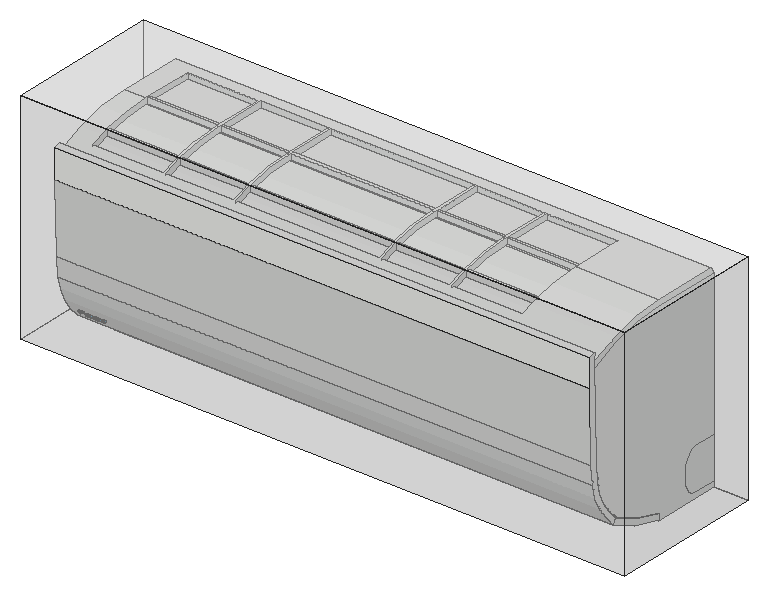
Revit family "outputfile", category 機械設備, Revit 2024 (continued)
Definition of nested family "DAIKIN_indoorunit_CTKM-RVMV"
  Automatic sketch dimensions
    Extrusion 22 sketch curve to plane 1 "Center (Front/Back)" = 0.0 mm
    Extrusion 22 sketch curve to Extrusion 22 sketch curve = 20.0 mm  (x2)
    Extrusion 22 sketch curve to level = 287.035 mm
    Extrusion 23 sketch curve to plane 1 "Center (Front/Back)" = 0.0 mm
    Extrusion 23 sketch curve to Extrusion 23 sketch curve = 20.0 mm  (x2)
    Extrusion 23 sketch curve to level = 287.035 mm
    plane 1 "Center (Front/Back)" to Extrusion 24 sketch curve = 0.0 mm  (x2)
    plane 3 "Center (Left/Right)" to Extrusion 24 sketch curve = 469.0 mm
    Extrusion 24 sketch curve to Extrusion 24 sketch curve = 20.0 mm  (x4)
    Extrusion 24 sketch curve to plane 3 "Center (Left/Right)" = 409.0 mm
  Nested families
    nested 1: "daikin_logo_plane_w40" at (-320, -198.871, -233.244) x (1, 0, 0) z (0, -0.7841, -0.6206), visible <- "switch_unit1_25-35", type "daikin_logo_plane_w40"
      with show_logo yes
    nested 2: "daikin_logo_plane_w40" at (-430, -237.74, -233.244) x (1, 0, 0) z (0, -0.7841, -0.6206), visible <- "switch_unit1_50-71", type "daikin_logo_plane_w40"
      with show_logo yes
  Definition of nested family "daikin_logo_plane_w40"
    Parameters (values of type "daikin_logo_plane_w40")
      width = 40.0 mm
      show_logo [instance] = yes
      material = none
      height = 0.0 mm
      depth = 0.0 mm
      Default Elevation = 1219.2 mm
    Reference planes
      plane 1 "Center (Front/Back)": y = 0
      plane 2: z = 0
      plane 3 "Center (Left/Right)": x = 0
      plane 4: z = 2
      plane 5 "left": x = -19
      plane 6: x = 19
    Forms (mm)
      Extrusion 1, solid, visible <- "show_logo"
        sketch origin (-19, 0, 0) x (1, 0, 0) y (0, 1, 0)
          loop
            line (8.902, -1.878) -> (7.789, -6.332) -> (11.13, -6.332)
            arc (11.13, -6.332) -> (12.454, -6.064) -> (13.472, -5.176) r 2.642
            arc (13.472, -5.176) -> (13.92, -4.02) -> (13.767, -2.79) r 2.537
            arc (13.767, -2.79) -> (13.452, -2.342) -> (12.982, -2.06) r 1.321
            arc (12.982, -2.06) -> (12.063, -1.902) -> (11.13, -1.878) r 6.479
            line (11.13, -1.878) -> (8.902, -1.878)
          loop
            line (10.016, -5.441) -> (10.907, -5.441)
            arc (10.907, -5.441) -> (11.591, -4.983) -> (11.988, -4.261) r 1.742
            spline (11.988, -4.261) -> (12.01, -4.155) -> (12.027, -4.03) -> (12.037, -3.893) -> (12.037, -3.747) -> (12.026, -3.598) -> (12.002, -3.451) -> (11.962, -3.31) -> (11.905, -3.181) -> (11.829, -3.069) -> (11.731, -2.978) -> (11.61, -2.913) -> (11.464, -2.88)
            line (11.464, -2.88) -> (10.573, -2.88) -> (10.016, -5.441)
          loop
            line (13.58, -6.332) -> (14.805, -6.332) -> (15.223, -5.553) -> (16.977, -5.553) -> (17.144, -6.332) -> (19.149, -6.332) -> (18.258, -1.878) -> (16.03, -1.878) -> (13.58, -6.332)
          loop
            line (16.476, -3.214) -> (15.76, -4.551) -> (16.762, -4.551) -> (16.476, -3.214)
          loop
            line (19.705, -6.332) -> (21.599, -6.332) -> (22.712, -1.878) -> (20.819, -1.878) -> (19.705, -6.332)
          loop
            line (22.712, -6.332) -> (24.606, -6.332) -> (24.908, -5.122) -> (25.831, -6.332) -> (28.17, -6.332) -> (26.388, -3.994) -> (28.949, -1.878) -> (26.945, -1.878) -> (25.401, -3.153) -> (25.719, -1.878) -> (23.826, -1.878) -> (22.712, -6.332)
          loop
            line (29.84, -1.878) -> (28.615, -6.332) -> (30.62, -6.332) -> (31.734, -1.878) -> (29.84, -1.878)
          loop
            line (31.734, -6.332) -> (33.07, -6.332) -> (33.7, -3.814) -> (34.518, -6.332) -> (36.745, -6.332) -> (37.859, -1.878) -> (36.523, -1.878) -> (35.845, -4.589) -> (34.963, -1.878) -> (32.847, -1.878) -> (31.734, -6.332)
        from 0 to 2
      Extrusion 2, solid, visible <- "show_logo"
        sketch origin (-19, 0, 0) x (1, 0, 0) y (0, 1, 0)
          loop
            line (8.7, 0) -> (4.235, 0) -> (0, -3.879) -> (0, -8) -> (8.7, 0)
        from 0 to 2
      Extrusion 3, solid, visible <- "show_logo"
        sketch origin (-19, 0, 0) x (1, 0, 0) y (0, 1, 0)
          loop
            line (0, 0) -> (0, -3.879) -> (4.235, 0) -> (0, 0)
        from 0 to 2
    Dimensions and locks
      plane 4 to plane 2 = 2.0 mm
      equal spacing: plane 5 "left", plane 3 "Center (Left/Right)", plane 6
      locked: plane 5 "left" to plane 6 at 38
      aligned and locked: level to plane 2
      aligned and locked: Extrusion 3 to plane 1 "Center (Front/Back)"  (x2)
      aligned and locked: Extrusion 2 to plane 1 "Center (Front/Back)"  (x2)
      aligned and locked: plane 4 to Extrusion 1
      aligned and locked: plane 4 to Extrusion 3
      aligned and locked: plane 4 to Extrusion 2
      aligned and locked: Extrusion 3 to plane 5 "left"
      aligned and locked: Extrusion 2 to plane 5 "left"
    Automatic sketch dimensions
      Extrusion 1 sketch curve to Extrusion 1 sketch curve = 0.901 mm
      Extrusion 1 sketch curve to Extrusion 1 sketch curve = 1.559 mm
      Extrusion 1 sketch curve to Extrusion 1 sketch curve = 1.327 mm
      Extrusion 1 sketch curve to Extrusion 1 sketch curve = 2.145 mm
      Extrusion 1 sketch curve to Extrusion 1 sketch curve = 1.448 mm
      Extrusion 1 sketch curve to Extrusion 1 sketch curve = 2.116 mm
      Extrusion 1 sketch curve to Extrusion 1 sketch curve = 1.114 mm  (x4)
      Extrusion 1 sketch curve to Extrusion 1 sketch curve = 1.336 mm  (x2)
      plane 1 "Center (Front/Back)" to Extrusion 1 sketch curve = 1.878 mm  (x5)
      Extrusion 1 sketch curve to Extrusion 1 sketch curve = 1.893 mm  (x5)
      Extrusion 1 sketch curve to Extrusion 1 sketch curve = 0.891 mm  (x4)
      Extrusion 1 sketch curve to Extrusion 1 sketch curve = 2.005 mm  (x3)
      Extrusion 1 sketch curve to Extrusion 1 sketch curve = 0.445 mm  (x2)
      plane 1 "Center (Front/Back)" to Extrusion 1 sketch curve = 3.994 mm
      Extrusion 1 sketch curve to Extrusion 1 sketch curve = 0.557 mm  (x2)
      Extrusion 1 sketch curve to Extrusion 1 sketch curve = 2.339 mm  (x2)
      Extrusion 1 sketch curve to Extrusion 1 sketch curve = 1.225 mm  (x3)
      plane 1 "Center (Front/Back)" to Extrusion 1 sketch curve = 3.153 mm
      Extrusion 1 sketch curve to Extrusion 1 sketch curve = 0.987 mm
      plane 1 "Center (Front/Back)" to Extrusion 1 sketch curve = 5.122 mm
      Extrusion 1 sketch curve to Extrusion 1 sketch curve = 0.922 mm
      plane 1 "Center (Front/Back)" to Extrusion 1 sketch curve = 6.332 mm
      Extrusion 1 sketch curve to Extrusion 1 sketch curve = 2.562 mm
      plane 1 "Center (Front/Back)" to Extrusion 1 sketch curve = 5.553 mm
      Extrusion 1 sketch curve to Extrusion 1 sketch curve = 0.167 mm
      Extrusion 1 sketch curve to Extrusion 1 sketch curve = 0.215 mm
      plane 1 "Center (Front/Back)" to Extrusion 1 sketch curve = 3.214 mm
      Extrusion 1 sketch curve to Extrusion 1 sketch curve = 0.286 mm
      plane 1 "Center (Front/Back)" to Extrusion 1 sketch curve = 4.551 mm
      Extrusion 1 sketch curve to Extrusion 1 sketch curve = 1.002 mm
      Extrusion 1 sketch curve to Extrusion 1 sketch curve = 0.537 mm
      Extrusion 1 sketch curve to Extrusion 1 sketch curve = 0.418 mm
      Extrusion 1 sketch curve to Extrusion 1 sketch curve = 1.028 mm
      plane 1 "Center (Front/Back)" to Extrusion 1 sketch curve = 4.261 mm
      Extrusion 1 sketch curve to Extrusion 1 sketch curve = 0.563 mm
      plane 1 "Center (Front/Back)" to Extrusion 1 sketch curve = 2.88 mm
      Extrusion 1 sketch curve to Extrusion 1 sketch curve = 1.088 mm
      Extrusion 1 sketch curve to Extrusion 1 sketch curve = 2.152 mm
      Extrusion 1 sketch curve to Extrusion 1 sketch curve = 0.586 mm
      Extrusion 1 sketch curve to Extrusion 1 sketch curve = 0.118 mm
      Extrusion 1 sketch curve to Extrusion 1 sketch curve = 0.298 mm
      Extrusion 1 sketch curve to Extrusion 1 sketch curve = 0.334 mm
      Extrusion 1 sketch curve to Extrusion 1 sketch curve = 0.223 mm
      Extrusion 1 sketch curve to Extrusion 1 sketch curve = 0.266 mm
      Extrusion 1 sketch curve to Extrusion 1 sketch curve = 1.671 mm
      Extrusion 1 sketch curve to Extrusion 1 sketch curve = 2.227 mm
      Extrusion 1 sketch curve to Extrusion 1 sketch curve = 0.0 mm  (x7)
      Extrusion 1 sketch curve to Extrusion 1 sketch curve = 3.453 mm
      Extrusion 1 sketch curve to Extrusion 1 sketch curve = 2.017 mm
      Extrusion 1 sketch curve to Extrusion 1 sketch curve = 0.78 mm  (x2)
      Extrusion 1 sketch curve to Extrusion 1 sketch curve = 1.743 mm
      Extrusion 1 sketch curve to Extrusion 1 sketch curve = 0.775 mm
      Extrusion 1 sketch curve to Extrusion 1 sketch curve = 0.552 mm
      Extrusion 1 sketch curve to Extrusion 1 sketch curve = 0.014 mm
      Extrusion 1 sketch curve to Extrusion 1 sketch curve = 0.952 mm
      Extrusion 1 sketch curve to Extrusion 1 sketch curve = 1.215 mm
      Extrusion 1 sketch curve to Extrusion 1 sketch curve = 0.108 mm
      plane 1 "Center (Front/Back)" to Extrusion 2 sketch curve = 0.0 mm
      Extrusion 2 sketch curve to plane 3 "Center (Left/Right)" = 19.0 mm
      Extrusion 2 sketch curve to plane 3 "Center (Left/Right)" = 14.765 mm
      Extrusion 2 sketch curve to Extrusion 2 sketch curve = 4.465 mm
      plane 1 "Center (Front/Back)" to Extrusion 2 sketch curve = 3.879 mm
      Extrusion 2 sketch curve to Extrusion 2 sketch curve = 4.12 mm
      plane 1 "Center (Front/Back)" to Extrusion 3 sketch curve = 0.0 mm
      Extrusion 3 sketch curve to plane 3 "Center (Left/Right)" = 19.0 mm
      Extrusion 3 sketch curve to plane 3 "Center (Left/Right)" = 14.765 mm
      plane 1 "Center (Front/Back)" to Extrusion 3 sketch curve = 3.879 mm
      Extrusion 1 sketch curve to plane 3 "Center (Left/Right)" = 11.211 mm
      Extrusion 1 sketch curve to Extrusion 1 sketch curve = 1.782 mm
Definition of nested family "daikin_connector_rotate3"
  Parameters (values of type "daikin_connector_rotate3")
    show [instance] = yes
    radius [instance] = 10.0 mm
    length [instance] = 600.0 mm
    angle_horizontal [instance] = 60.00°
    angle_vertical [instance] = 90.00°
    Default Elevation = 1219.2 mm
  Reference planes
    plane 1 "Center (Front/Back)": y = 0
    plane 2: z = 0
    plane 3 "Center (Left/Right)": x = 0
  Dimensions and locks
    "angle_horizontal": angle plane 3 "Center (Left/Right)" to nested 1
    aligned and locked: level to plane 2
    aligned and locked: plane 1 "Center (Front/Back)" to nested 1  (x2)
    aligned and locked: plane 3 "Center (Left/Right)" to nested 1
  Nested families
    nested 1: "daikin_connector_rotate2" at (0, 0, 0) x (0.5, 0.866, 0) z (0, 0, 1), angle_vertical <- "angle_vertical", length <- "length", radius <- "radius", type "daikin_connector_rotate2"
      with radius 10.0 mm, length 600.0 mm, angle_vertical 90.00°
  Definition of nested family "daikin_connector_rotate2"
    Parameters (values of type "daikin_connector_rotate2")
      show_face = yes
      radius [instance] = 10.0 mm
      length [instance] = 600.0 mm
      d_surface = 10.0 mm
      angle_vertical [instance] = 90.00°
      Default Elevation = 0.0 mm
    Reference planes
      plane 1 "Center (Front/Back)": y = 0
      plane 2: z = 0
      plane 3 "Center (Left/Right)": x = 0
    Forms (mm)
      Extrusion 1, solid, visible <- "show_face"
        sketch origin (0, -600, 0) x (1, 0, 0) y (0, 0, 1)
          loop
            circle (0, 0) r 10
        from 0 to -10
    Lines and regions (mm)
      reference lines
        curve 1: line (0, 0, 0) -> (0, -600, 0)
      symbolic lines
        curve 2: circle (0, 0, 0) r 5 normal (0, 0, 1)
      model lines, visible <- "show_face"
        curve 3: line (0, 0, 0) -> (0, -600, 0)
    Dimensions and locks
      "length": curve 1 to curve 1
      "length": curve 3 to curve 3
      "d_surface": Extrusion 1 to Extrusion 1
      "radius": radius of Extrusion 1 sketch curve
      "angle_vertical": angle curve 1 to plane 1 "Center (Front/Back)"
      "angle_vertical": angle curve 3 to plane 1 "Center (Front/Back)"
      aligned and locked: level to plane 2
      aligned and locked: plane 1 "Center (Front/Back)" to curve 1
      aligned and locked: plane 2 to curve 1
      aligned and locked: plane 1 "Center (Front/Back)" to curve 2
      aligned and locked: plane 3 "Center (Left/Right)" to curve 2
      aligned and locked: plane 1 "Center (Front/Back)" to curve 3
      aligned and locked: plane 2 to curve 3
      aligned and locked: Extrusion 1 to Extrusion 1
    Automatic sketch dimensions
      Extrusion 1 sketch curve to level = 0.0 mm
      Extrusion 1 sketch curve to plane 3 "Center (Left/Right)" = 0.0 mm
      radius of curve 2 = 5.0 mm
